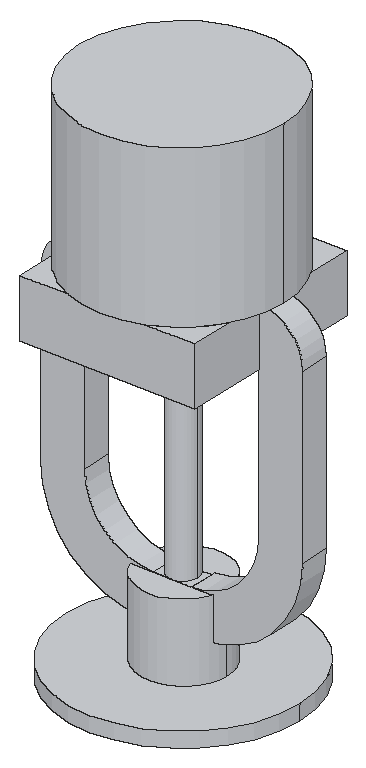
Revit family
Parameters (values of type "RASCO F1 PENDENT")
  Temperature Rating = 200 °F
  Response = (empty or 0)
  RASCO SIN # = "R1712"
  RASCO Part # = "FP23B"
  Pressure Rating = "175 PSI"
  Pressure Class = (empty or 0)
  Orifice Size = 3/8"
  Orifice = (empty or 0)
  Model = "F1"
  Manufacturer = "RASCO"
  K-Factor = 5.6
  Description = "BRZ. FINISH"
  Coverage = (empty or 0)
Reference planes (in)
  plane 1 "Center (Front/Back)": y = 0
  plane 2: z = 0
  plane 3 "Center (Left/Right)": x = 0
Dimensions and locks (in)
  aligned and locked: plane 2 to level
Nested families (in)
  nested 1: "FP23B" at (-0.0113, 0, 2.4375) x (-1, 0, 0) z (0, 0, -1), type "RASCO F1 PENDENT"
Connectors (in)
  piping at (-0.0113, 0, 2.4375)
    settings: on nested 1, index 1, connector radius 55/128", flow factor 0, pipe flow 0 GPM, pressure drop 0.00 psi, fitting loss kfactor 0, connector angle 0.00°, fixture units 0, flow configuration 0, flow direction 0, fitting loss method 0, system type 7, connector reference index -1, connector utility 0, adjustable connector no, is connector primary yes, fitting loss table "", connector description ""
Definition of nested family "FP23B"
  Parameters (values of type "RASCO F1 PENDENT")
    Type Comments = ""
    Temperature Rating = 0 °F
    Response = (empty or 0)
    Pressure Rating = "0"
    Pressure Class = (empty or 0)
    Orifice Size = 0"
    Orifice = (empty or 0)
    Model = ""
    Manufacturer = ""
    K-Factor = 0
    Description = ""
    Coverage = (empty or 0)
    Assembly Code = ""
  Reference planes (in)
    plane 1 "Center (Front/Back)": y = 0
    plane 2: z = 0
    plane 3 "ref.2": z = 0.6875
    plane 4 "ref.3": z = 0.9375
    plane 5: x = -0.38065
    plane 6: x = 0.36935
    plane 7 "ref. side 1": y = 0.06402
    plane 8 "ref. side 2": y = -0.06098
    plane 9 "ref.4": z = 1.875
    plane 10 "ref.5": z = 2.3125
    plane 11 "ref.6": z = 2.4375
  Forms (in)
    Extrusion 1, solid
      sketch origin (0, 0, 0) x (1, 0, 0) y (0, 1, 0)
        loop
          circle (0, 0) r 0.4379
      from 0 to 0.6875
    Extrusion 2, solid
      sketch origin (-0.12185, 0.05177, 0.6875) x (1, 0, 0) y (0, 1, 0)
        loop
          line (-0.2588, 0.356) -> (-0.2588, -0.4565) -> (0.4912, -0.4565) -> (0.4912, 0.356) -> (-0.2588, 0.356)
      from 0 to 0.25
    Extrusion 3, solid
      sketch origin (0, 0, 0) x (1, 0, 0) y (0, 0, 1)
        loop
          line (-0.38065, 0.68754) -> (-0.38065, 1.58397)
          arc (-0.38065, 1.58397) -> (-0.29541, 1.78976) -> (-0.08962, 1.875) r 0.29103
          line (-0.08962, 1.875) -> (0.07524, 1.875)
          arc (0.07524, 1.875) -> (0.28321, 1.78886) -> (0.36935, 1.58089) r 0.29411
          line (0.36935, 1.58089) -> (0.36935, 0.68751)
          arc (0.36935, 0.68751) -> (0.50207, 0.74393) -> (0.55685, 0.87734) r 0.18984
          line (0.55685, 0.87734) -> (0.55685, 1.61676)
          arc (0.55685, 1.61676) -> (0.42629, 1.93194) -> (0.11111, 2.0625) r 0.44574
          line (0.11111, 2.0625) -> (-0.12259, 2.0625)
          arc (-0.12259, 2.0625) -> (-0.43765, 1.932) -> (-0.56815, 1.61694) r 0.44556
          line (-0.56815, 1.61694) -> (-0.56815, 0.87876)
          arc (-0.56815, 0.87876) -> (-0.51345, 0.74486) -> (-0.38065, 0.68754) r 0.19126
      from -0.06402 to 0.06098
    Extrusion 4, solid
      sketch origin (0, 0, 0.9375) x (-1, 0, 0) y (0, -1, 0)
        loop
          circle (0.00574, -0.00152) r 0.0625
      from 0 to 0.9375
    Extrusion 5, solid
      sketch origin (0, 0, 1.875) x (-1, 0, 0) y (0, -1, 0)
        loop
          circle (0.00574, -0.00152) r 0.1875
      from 0 to 0.4375
    Extrusion 6, solid
      sketch origin (0, 0, 2.3125) x (0, -1, 0) y (1, 0, 0)
        loop
          circle (-0.00152, -0.00574) r 0.5
      from -0.10531 to -0.03987
  Cuts and joins
    joined: Extrusion 1, Extrusion 2, Extrusion 4
  Lines and regions (in)
    model lines
      curve 1: line (-0.00574, 0.06402, 1.875) -> (-0.00574, -0.06098, 1.875)
